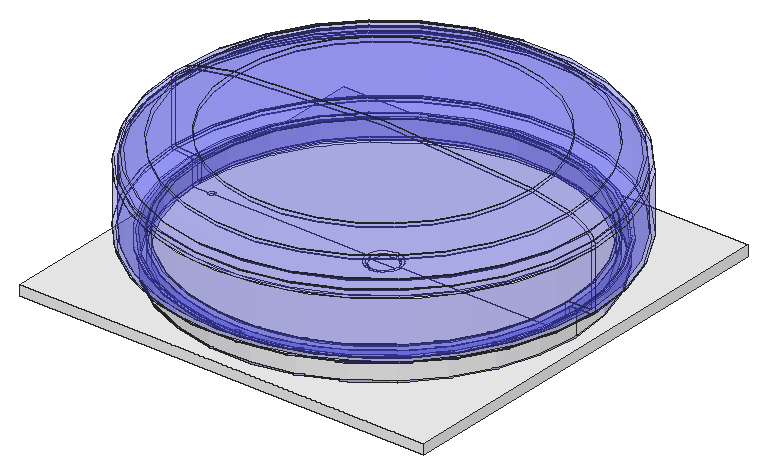
Revit family "BE_50033P_de_DE", category Leuchten, Revit 2020
Family settings
  Basisbauteil = Fläche
  Bemaßung runder Anschluss = Durchmesser verwenden
  Teiletyp = Normal
  Beim Laden mit Abzugskörper schneiden = Ja
  Lichtquelle = Ja
  Gemeinsam genutzt = Nein
  Raumberechnungspunkt = Ja
Parameters (values of type "BEGA_50033P_K3")
  built-in parameter 1150104 = 12.077 (stored number, unit not read)
  Wattage = 28.1 W
  Default Elevation = 0 mm
  built-in parameter 1150113 = 1 (stored number, unit not read)
  built-in parameter 1114218 = 1 (stored number, unit not read)
  Umgebungstemperatur = "25 °C"
  URL = "https://www.bega.com/de/produkt/50033P"
  Typenkommentare = "© 2022 BEGA. Wir behalten uns das Recht vor, technische Änderungen ohne vorherige Ankündigung vorzunehmen."  # constant formula
  built-in parameter 1150134 = (empty or 0)
  built-in parameter 1150109 = 1 (stored number, unit not read)
  Strom = ""
  built-in parameter 1150110 = 1 (stored number, unit not read)
  Spannung = 239.996 V
  Sonderanfertigung = no
  Seriennummer [instance] = "Hier können Sie die eindeutige Seriennummer für das Facility Management eintragen."
  Schutzklasse = "I"
  Schutzart = "IP 20"
  Scheinlast = 0 VA
  Produktdatenblatt = "http://www.bega.de/download/Xrfa/db/50033P.db.de.pdf"
  Oberflächentemperatur = ""
  Neigungswinkel = 0.00°
  Model = "50033PK2"
  Material_17 = BEGA_Reflektor
  Material_15 = BEGA_Leuchtmedium_matt
  Material_14 = BEGA_Kunststoff_opal
  Material_11 = BEGA_Glas_opal
  Material_09 = BEGA_Glas_klar
  Material_06 = BEGA_Oberfläche_Edelstahl_gebürstet
  Material_05 = BEGA_Oberfläche_Aluminium Guss
  Material_03 = BEGA_Oberfläche_Weiss_matt
  Material_02 = BEGA_Oberfläche_Silber_matt
  Material_01 [instance] = BEGA_Oberfläche_Grafit_matt
  M_W = no
  M_G = no
  M_A = no
  Logo = 0
  built-in parameter 1114217 = 1 (stored number, unit not read)
  built-in parameter 1150139 = (empty or 0)
  built-in parameter 1150105 = 290.7 (stored number, unit not read)
  built-in parameter 1150114 = 1 (stored number, unit not read)
  Lumens = 3653 lm
  built-in parameter 1150115 = 1 (stored number, unit not read)
  Leuchtenlichtstrom = "3047 lm"
  Leuchtenanzahl = ""
  Lebensdauerkriterien = "L70B50 @ 25 °C = 302000 h"
  Lastklassifizierung = Beleuchtung
  built-in parameter 1150112 = 1 (stored number, unit not read)
  Lampenlichtstrom = "3655 lm"
  Lamp = "LED 28.1 W"
  LED_Modulbezeichnung = "LED-0630/927"
  built-in parameter 1150142 = (empty or 0)
  Hersteller = "BEGA"  # constant formula
  Halbstreuwinkel = ""
  Gewicht = "3.0 kg"
  Gebrauchslageneinschränkung [instance] = ""
  Frequenz = "0/50-60 Hz"
  Farbwiedergabeindex = "CRI > 90"
  Farbtemperaturverschiebung bei Dämpfen der Lampe = <Keine Auswahl>
  Farbtemperatur = "2700 K"
  Color Filter = 16777215
  built-in parameter 1150133 = 10 (stored number, unit not read)
  Energieeffizienzklasse = "LED A++ - A"
  built-in parameter 1150137 = (empty or 0)
  built-in parameter 1150132 = (empty or 0)
  ENEC = "ja"
  Dimmbar [instance] = ""
  Photometric Web File = "BE_50033PK2.IES"
  CE_Konformität = "ja"
  Bestellnummer = "50033PK2"
  Beschreibung_Sonderanfertigung = "Hier können Sie Informationen zur Sonderanfertigung eintragen."
  Beschreibung = "Decken- und Wandleuchte"
  built-in parameter 1150106 = 2.907 (stored number, unit not read)
  Befestigungsbohrung = "Ø 6 mm"
  Befestigungsabstand = "340 mm"
  Ballwurfsicher = ""
  BEGA_Intern_aus = yes
  BEGA_Intern_an = yes
  BEGA_Intern_Konstruktion = yes
  BEGA_Intern = yes
  BEGA_IES = yes
  BEGA_Dummy = no
  Anschlussleitung = ""
  Anschlussleistung [instance] = "32.5 W"
  Anschlusskasten = ""
  built-in parameter 1150107 = 2700 (stored number, unit not read)
  built-in parameter 1150102 = (empty or 0)
  built-in parameter 1150138 = (empty or 0)
  Aktualisierung = "2020-05-11T04:00:10"
  Abstand_zur_angestrahlten_Fläche [instance] = ""
  AC/DC = "AC/DC"
Types (3, lengths in mm): name | built-in parameter 1150104 | built-in parameter 1150134 | Model | built-in parameter 1150105 | Lumens | Leuchtenlichtstrom | Lampenlichtstrom | LED_Modulbezeichnung | Farbtemperatur | Photometric Web File | Bestellnummer | built-in parameter 1150106 | built-in parameter 1150107
  BEGA_50033P_K3 | 12.18 (stored number, unit not read) | (empty or 0) | "50033PK3" | 293.16 (stored number, unit not read) | 3683.91 lm | "3590 lm" | "4305 lm" | "LED-0630/930" | "3000 K" | "BE_50033PK3.IES" | "50033PK3" | 2.9316 (stored number, unit not read) | 3000 (stored number, unit not read)
  BEGA_50033P_K4 | 12.635 (stored number, unit not read) | 12 | "50033PK4" | 304.11 (stored number, unit not read) | 3821.6 lm | "3735 lm" | "4480 lm" | "LED-0630/940" | "4000 K" | "BE_50033PK4.IES" | "50033PK4" | 3.0411 (stored number, unit not read) | 4000 (stored number, unit not read)
  BEGA_50033P_K27 | 12.635 (stored number, unit not read) | 12 | "50033PK27" | 304.11 (stored number, unit not read) | 3821.6 lm | "3472 lm" | "4165 lm" | "LED-0630/927" | "2700 K" | "BE_50033PK27.IES" | "50033PK27" | 3.0411 (stored number, unit not read) | 4000 (stored number, unit not read)
Reference planes
  plane 1 "Mitte (Vorne/Hinten)": y = 0
  plane 2: z = 0
  plane 3 "Mitte (Links/Rechts)": x = 0
  plane 4 "Links": x = -210
  plane 5 "Rechts": x = 210
  plane 6 "Unten": y = -210
  plane 7 "Oben": y = 210
  plane 8 "Vorne": z = 127.8
  plane 9 "Hinten": z = 0
Forms (mm)
  Extrusion 1, solid, material "BEGA_Platte_Weiss"
    sketch origin (0, -1119.2, 0) x (1, 0, 0) y (0, 1, 0)
      loop
        line (-200, 1319.2) -> (-200, 919.2) -> (200, 919.2) -> (200, 1319.2) -> (-200, 1319.2)
    from 0 to -10
  Extrusion 2, solid, material "BEGA_Dummy_matt", visible <- "BEGA_Dummy"
    sketch origin (77.149, -76.023, 0) x (1, 0, 0) y (0, 1, 0)
      loop
        circle (-77.149, 76.023) r 210
    from 0 to 127.8
Dimensions and locks
  plane 1 "Mitte (Vorne/Hinten)" to Extrusion 1 = 200 mm
  aligned and locked: plane 2 to Extrusion 1
  aligned and locked: level to Extrusion 1
Nested families
  nested 1: "BE_50033P" at (0, 0, 0) x (0, -1, 0) z (0, 0, 1), type "BE_50033P"
Connectors
  electrical at (0, 0, 0), driven by "Lastklassifizierung", driven by "Spannung", driven by "Scheinlast"
    settings: index 1, voltage 239.996 V, apparent load 0 VA, apparent load phase1 0 VA, apparent load phase2 0 VA, apparent load phase3 0 VA, power factor 1, load classification "Beleuchtung", number of poles 1, system type 31, power factor state 1, is connector primary yes, connector utility no, sub classification motor no, connector description ""
Definition of nested family "BE_50033P"
  Parameters (values of type "BE_50033P")
    Default Elevation = 1 mm
    URL = "http://www.bega.de/de/produkt"
    Type Comments = "© 2015 BEGA. Wir behalten uns das Recht vor, technische Änderungen ohne vorherige Ankündigung vorzunehmen. "  # constant formula
    Type Image = (empty or 0)
    Neigungswinkel_um_Z2 = 0.00°
    Neigungswinkel_um_Z1 = 0.00°
    Neigungswinkel_um_Y2 = 0.00°
    Neigungswinkel_um_Y1 = 0.00°
    Neigungswinkel_um_X2 = 0.00°
    Neigungswinkel_um_X1 = 0.00°
    Material_17 = none
    Material_15 = none
    Material_14 = none
    Material_11 = none
    Material_09 = none
    Material_06 = none
    Material_05 = none
    Material_03 = none
    Material_02 = none
    Material_01 = none
    M_W = yes
    M_G = yes
    M_A = yes
    Länge_Platte = 600 mm  # constant formula
    Höhe_Platte = -10 mm  # constant formula
    Manufacturer = "BEGA"  # constant formula
    Drehwinkel_um_Z2 = 0.00°
    Drehwinkel_um_Z1 = 0.00°
    Breite_Platte = 600 mm  # constant formula
  Reference planes
    plane 1 "Mitte (Oben/Unten)": y = 0
    plane 2: z = 0
    plane 3 "Mitte (Links/Rechts)": x = 0
    plane 4: y = 210
    plane 5: z = 127.8
    plane 6: y = -210
    plane 7: x = -210
    plane 8: x = 210
  Forms (mm)
    Extrusion 1, solid, detail levels medium
      sketch origin (0, 0, 0) x (1, 0, 0) y (0, 1, 0)
        loop
          line (-300, 300) -> (-300, -300) -> (300, -300) -> (300, 300) -> (-300, 300)
      from 0 to -10 <- "Höhe_Platte"
    Revolve 2, solid, material <- "Material_03", detail levels medium+fine
      sketch origin (0, 0, 0) x (0, 1, 0) y (0, 0, 1)
        loop
          arc (16.416, 3.3) -> (15.11, 2.929) -> (14.191, 1.93) r 2.5
          arc (14.191, 1.93) -> (13.639, 1.325) -> (12.852, 1.1) r 1.5
          line (12.852, 1.1) -> (0.002, 1.1) -> (0.002, 0.1) -> (13.076, 0.1)
          arc (13.076, 0.1) -> (14.387, 0.471) -> (15.313, 1.475) r 2.5
          arc (15.313, 1.475) -> (15.866, 2.077) -> (16.653, 2.3) r 1.5
          line (16.653, 2.3) -> (188.667, 2.3)
          arc (188.667, 2.3) -> (190.064, 2.868) -> (190.667, 4.25) r 2
          line (190.667, 4.25) -> (191.038, 25.509)
          arc (191.038, 25.509) -> (191.277, 26.071) -> (191.842, 26.3) r 0.8
          line (191.842, 26.3) -> (194, 26.3) -> (194, 27.3) -> (191.844, 27.3)
          arc (191.844, 27.3) -> (190.578, 26.786) -> (190.038, 25.531) r 1.8
          line (190.038, 25.531) -> (189.667, 4.275)
          arc (189.667, 4.275) -> (189.365, 3.584) -> (188.667, 3.3) r 1
          line (188.667, 3.3) -> (16.416, 3.3)
        axis (0.002, 0.1) -> (0.002, 27.3)
      angle from 0 to 360
    Revolve 3, solid, material <- "Material_03", detail levels medium+fine
      sketch origin (87.5, 0, 0) x (0, 1, 0) y (0, 0, 1)
        loop
          line (151.554, 0) -> (151.554, 2.691) -> (145.799, 2.691)
          arc (145.799, 2.691) -> (148.377, 0.706) -> (151.554, 0) r 7.5
        axis (151.554, 2.691) -> (151.554, 0)
      angle from 0 to 360
    Extrusion 4, void
      sketch origin (0, 0, 0) x (1, 0, 0) y (0, 1, 0)
        loop
          circle (163, 18) r 8.5
        loop
          circle (163, -18) r 8.5
        loop
          circle (0, 170) r 3
        loop
          circle (0, -170) r 3
      from 0 to 7.205
    Revolve 5, solid, material <- "Material_14", detail levels medium+fine
      sketch origin (0, 0, 0) x (0, 1, 0) y (0, 0, 1)
        loop
          arc (185.037, 111.947) -> (166.501, 116.443) -> (147.656, 119.387) r 230
          arc (147.656, 119.387) -> (73.948, 125.695) -> (0, 127.8) r 1299.91
          line (0, 127.8) -> (0, 123.8)
          arc (0, 123.8) -> (73.763, 121.699) -> (147.287, 115.403) r 1295.91
          arc (147.287, 115.403) -> (165.775, 112.509) -> (183.961, 108.094) r 226
          arc (183.961, 108.094) -> (193.162, 104.323) -> (201.339, 98.662) r 46
          arc (201.339, 98.662) -> (203.744, 95.883) -> (205.275, 92.542) r 13
          arc (205.275, 92.542) -> (205.818, 90.189) -> (206, 87.78) r 16
          line (206, 87.78) -> (206, 32.958) -> (182.901, 31.748)
          arc (182.901, 31.748) -> (180.841, 30.798) -> (180, 28.691) r 3.061
          line (180, 28.691) -> (180, 10.3) -> (184, 10.3) -> (184, 26.851)
          arc (184, 26.851) -> (184.275, 27.539) -> (184.948, 27.85) r 1
          line (184.948, 27.85) -> (207.172, 29.014)
          arc (207.172, 29.014) -> (209.181, 29.95) -> (210, 32.009) r 3
          line (210, 32.009) -> (210, 87.839)
          arc (210, 87.839) -> (209.678, 91.376) -> (208.735, 94.8) r 20
          arc (208.735, 94.8) -> (206.78, 98.538) -> (203.964, 101.679) r 17
          arc (203.964, 101.679) -> (195.06, 107.844) -> (185.037, 111.947) r 50
        axis (0, 127.8) -> (0, 10.3)
      angle from 0 to 360
    Revolve 6, solid, material <- "Material_03", detail levels medium+fine
      sketch origin (-43.75, -75.777, 0) x (0.866025, -0.5, 0) y (0, 0, 1)
        loop
          line (151.554, 0) -> (151.554, 2.691) -> (145.799, 2.691)
          arc (145.799, 2.691) -> (148.377, 0.706) -> (151.554, 0) r 7.5
        axis (151.554, 2.691) -> (151.554, 0)
      angle from 0 to 360
    Revolve 7, solid, material <- "Material_03", detail levels medium+fine
      sketch origin (-43.75, 75.777, 0) x (-0.866025, -0.5, 0) y (0, 0, 1)
        loop
          line (151.554, 0) -> (151.554, 2.691) -> (145.799, 2.691)
          arc (145.799, 2.691) -> (148.377, 0.706) -> (151.554, 0) r 7.5
        axis (151.554, 2.691) -> (151.554, 0)
      angle from 0 to 360
  Cuts and joins
    Extrusion 4 cuts Revolve 2
    Extrusion 4 cuts Revolve 3
    joined: Revolve 2, Revolve 3, Revolve 6, Revolve 7
  Dimensions and locks
    equal spacing: Extrusion 1 sketch curve, plane 3 "Mitte (Links/Rechts)", Extrusion 1 sketch curve
    equal spacing: Extrusion 1 sketch curve, plane 1 "Mitte (Oben/Unten)", Extrusion 1 sketch curve
    "Länge_Platte": Extrusion 1 sketch curve to Extrusion 1 sketch curve
    "Breite_Platte": Extrusion 1 sketch curve to Extrusion 1 sketch curve
    aligned and locked: Extrusion 1 to plane 2
    aligned and locked: level to Extrusion 1
  Automatic sketch dimensions
    Revolve 2 sketch curve to Revolve 2 sketch curve = 0 mm  (x14)
    level to Revolve 2 sketch curve = 2.6 mm
    Revolve 2 sketch curve to plane 1 "Mitte (Oben/Unten)" = 12.849 mm
    Revolve 2 sketch curve to Revolve 2 sketch curve = 0.003 mm
    Revolve 2 sketch curve to Revolve 2 sketch curve = 0.227 mm
    Revolve 2 sketch curve to Revolve 2 sketch curve = 3.34 mm
    level to Revolve 2 sketch curve = 0.8 mm
    Revolve 2 sketch curve to Revolve 2 sketch curve = 0.005 mm
    Revolve 2 sketch curve to Revolve 2 sketch curve = 0.236 mm
    level to Revolve 2 sketch curve = 3.3 mm
    level to Revolve 2 sketch curve = 4.275 mm
    Revolve 2 sketch curve to Revolve 2 sketch curve = 1 mm  (x6)
    level to Revolve 2 sketch curve = 4.25 mm
    Revolve 2 sketch curve to Revolve 2 sketch curve = 0.8 mm
    Revolve 2 sketch curve to Revolve 2 sketch curve = 0.004 mm  (x2)
    Revolve 2 sketch curve to Revolve 2 sketch curve = 0.002 mm
    Revolve 2 sketch curve to Revolve 2 sketch curve = 2.158 mm
    level to Revolve 2 sketch curve = 0.1 mm
    Revolve 2 sketch curve to Revolve 2 sketch curve = 21.25 mm
    Revolve 2 sketch curve to Revolve 2 sketch curve = 0.009 mm
    Revolve 2 sketch curve to plane 1 "Mitte (Oben/Unten)" = 0.002 mm
    Revolve 2 sketch curve to Revolve 2 sketch curve = 1.118 mm
    Revolve 3 sketch curve to Revolve 3 sketch curve = 0 mm  (x3)
    Revolve 3 sketch curve to Revolve 3 sketch curve = 4.809 mm
    Revolve 3 sketch curve to Revolve 3 sketch curve = 2.309 mm
    Revolve 3 sketch curve to Revolve 3 sketch curve = 5.756 mm
    Revolve 6 sketch curve to Revolve 6 sketch curve = 0 mm  (x3)
    Revolve 6 sketch curve to Revolve 6 sketch curve = 4.809 mm
    Revolve 6 sketch curve to Revolve 6 sketch curve = 2.309 mm
    Revolve 6 sketch curve to Revolve 6 sketch curve = 5.756 mm
    Revolve 7 sketch curve to Revolve 7 sketch curve = 0 mm  (x3)
    Revolve 7 sketch curve to Revolve 7 sketch curve = 4.809 mm
    Revolve 7 sketch curve to Revolve 7 sketch curve = 2.309 mm
    Revolve 7 sketch curve to Revolve 7 sketch curve = 5.756 mm
    Revolve 3 sketch curve to level = 0 mm
    Revolve 6 sketch curve to level = 0 mm
    level to Revolve 7 sketch curve = 0 mm
    plane 1 "Mitte (Oben/Unten)" to Extrusion 4 sketch curve = 18 mm
    Extrusion 4 sketch curve to plane 1 "Mitte (Oben/Unten)" = 18 mm
    Revolve 5 sketch curve to Revolve 5 sketch curve = 0 mm  (x18)
    plane 1 "Mitte (Oben/Unten)" to Revolve 5 sketch curve = 0 mm
    Revolve 5 sketch curve to plane 1 "Mitte (Oben/Unten)" = 0.006 mm
    Revolve 5 sketch curve to Revolve 5 sketch curve = 2.901 mm
    Revolve 5 sketch curve to Revolve 5 sketch curve = 3.061 mm
    Revolve 5 sketch curve to Revolve 5 sketch curve = 4 mm  (x3)
    Revolve 5 sketch curve to Revolve 5 sketch curve = 1 mm  (x2)
    Revolve 5 sketch curve to Revolve 5 sketch curve = 2.81 mm
    Revolve 5 sketch curve to Revolve 5 sketch curve = 13.19 mm
    Revolve 5 sketch curve to Revolve 5 sketch curve = 0.172 mm
    Revolve 5 sketch curve to level = 1172.111 mm
    Revolve 5 sketch curve to level = 109.132 mm
    level to Revolve 5 sketch curve = 10.3 mm
    Revolve 5 sketch curve to Revolve 5 sketch curve = 16.551 mm
    Revolve 5 sketch curve to Revolve 5 sketch curve = 1.84 mm
    Revolve 5 sketch curve to Revolve 5 sketch curve = 2.163 mm
    Revolve 5 sketch curve to Revolve 5 sketch curve = 2.995 mm
    Revolve 5 sketch curve to Revolve 5 sketch curve = 0.949 mm
    Revolve 5 sketch curve to Revolve 5 sketch curve = 32.146 mm
    Revolve 5 sketch curve to Revolve 5 sketch curve = 0.02 mm
    Revolve 5 sketch curve to Revolve 5 sketch curve = 0.059 mm
    Revolve 5 sketch curve to Revolve 5 sketch curve = 1.05 mm
    Revolve 5 sketch curve to Revolve 5 sketch curve = 0.369 mm
    Revolve 5 sketch curve to Revolve 5 sketch curve = 6.039 mm
    Revolve 5 sketch curve to Revolve 5 sketch curve = 0.052 mm
    Revolve 5 sketch curve to Revolve 5 sketch curve = 2.626 mm
    Revolve 5 sketch curve to Revolve 5 sketch curve = 3.46 mm
    Revolve 5 sketch curve to Revolve 5 sketch curve = 23.886 mm
    level to Revolve 5 sketch curve = 123.8 mm
    Revolve 5 sketch curve to Revolve 5 sketch curve = 1.076 mm
    Revolve 5 sketch curve to Revolve 5 sketch curve = 4.661 mm
    Revolve 5 sketch curve to Revolve 5 sketch curve = 0.725 mm
    Revolve 5 sketch curve to Revolve 5 sketch curve = 6.968 mm
    Revolve 2 sketch curve to Revolve 2 sketch curve = 172.015 mm
    Revolve 2 sketch curve to Revolve 2 sketch curve = 0.371 mm
    Revolve 3 sketch curve to plane 1 "Mitte (Oben/Unten)" = 145.799 mm
    Revolve 5 sketch curve to plane 1 "Mitte (Oben/Unten)" = 121.603 mm
    Revolve 5 sketch curve to plane 1 "Mitte (Oben/Unten)" = 171.218 mm
    Revolve 5 sketch curve to Revolve 5 sketch curve = 8.782 mm
    Revolve 5 sketch curve to Revolve 5 sketch curve = 18.782 mm
    Revolve 5 sketch curve to Revolve 5 sketch curve = 36.674 mm
    Extrusion 4 sketch curve to plane 3 "Mitte (Links/Rechts)" = 0 mm  (x2)
    plane 3 "Mitte (Links/Rechts)" to Extrusion 4 sketch curve = 163 mm
    Extrusion 4 sketch curve to Extrusion 4 sketch curve = 0 mm
    plane 6 to Extrusion 4 sketch curve = 40 mm
    plane 4 to Extrusion 4 sketch curve = 40 mm
    radius of Extrusion 4 sketch curve = 8.5 mm  (x2)
    radius of Extrusion 4 sketch curve = 3 mm  (x2)
